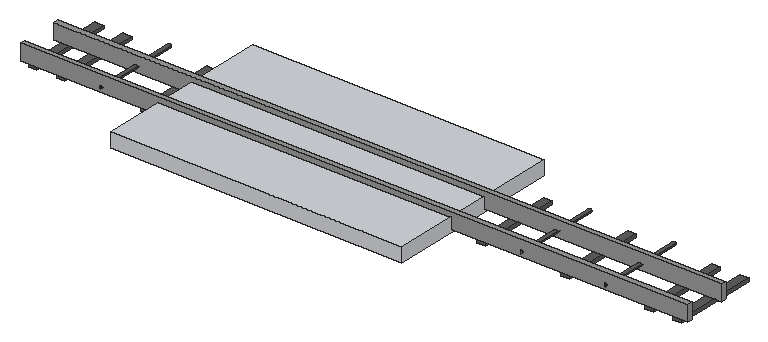
Revit family "1413-2, Solid", category Generic Models, host Face, Revit 2020
Family settings
  Host = Face
  Can host rebar = No
  Round Connector Dimension = Use Diameter
  Part Type = Normal
  Cut with Voids When Loaded = No
  Shared = No
  Room Calculation Point = No
Parameters
  min_value [instance] = 2' - 4"  # constant formula
  max_value [instance] = 11' - 11 1/4"  # constant formula
  actual_value [instance] = if(NET LENGTH < min_value, min_value, if(NET LENGTH > max_value, max_value, NET LENGTH))  # 7' - 11 1/4"
  NET LENGTH [instance] = 7' - 11 1/4"
  IMPORTANT NOTE!!!                                                                             *Backer & dowel layout is for visualization purposes only, final layout to be determined by 9Wood. [instance] = ""
  Default Elevation = 4' - 0"
  DOWEL RADIUS [instance] = 0' - 0 1/4"  # constant formula
  BACKER & DOWEL MATERIAL [instance] = BLACK-BACKERS
  .. MEMBER WIDTH [instance] = 0' - 0 3/4"  # constant formula
  .. MEMBER MATERIAL [instance] = Solid Western Hemlock
  .. MEMBER DEPTH [instance] = 0' - 2 1/4"  # constant formula
  .. MEMBER COUNT [instance] = 2  # constant formula
Reference planes (in)
  plane 1 "Center (Front/Back)": y = 0
  plane 2: z = 0
  plane 3 "Center (Left/Right)": x = 0
Forms (in)
  Extrusion 1, solid
    sketch origin (0, 0, 0) x (1, 0, 0) y (0, 1, 0)
      loop
        line (-24.24823, 14.63962) -> (-24.24823, -10.69266) -> (17.36192, -10.69266) -> (17.36192, 14.63962) -> (-24.24823, 14.63962)
    from 0 to 2.0625
Dimensions and locks (in)
  aligned and locked: plane 2 to Extrusion 1
  aligned and locked: nested 1 to plane 2
Nested families (in)
  nested 1: "1400 series" at (-44.01308, -2.1224, -0.06061), NET LENGTH <- "actual_value", .. MEMBER DEPTH <- ".. MEMBER DEPTH", .. MEMBER WIDTH <- ".. MEMBER WIDTH", DOWEL RADIUS <- "DOWEL RADIUS", BACKER & DOWEL MATERIAL <- "BACKER & DOWEL MATERIAL", .. MEMBER MATERIAL <- ".. MEMBER MATERIAL", MEMBER COUNT <- ".. MEMBER COUNT", type "1400 series"
    with X 7' - 8", SCRIM MATERIAL SCRIM, SCRIM LENGTH 8' - 1", SCRIM APPEARANCE yes, SCRIM 2 0' - 0 7/8", SCRIM 1 0' - 0 3/32", OC TYP 1' - 0", NET LENGTH 7' - 11 1/4", N 8, MEMBER COUNT 2, INSET 2 0' - 0 3/16", INSET 0' - 1", HALF MEMBER WIDTH 0' - 0 3/8", END BACKER yes, DOWEL RADIUS 0' - 0 1/4", DOWEL INDEX 0' - 11 5/8", DOWEL COUNT 7, BACKING M COUNT 8, BACKER WIDTH 0' - 1 1/4", BACKER INDEX 0' - 5 5/8", BACKER DEPTH 0' - 0 1/2", BACKER & DOWEL MATERIAL BLACK-BACKERS, BACKER &  DOWEL LENGTH 0' - 11 7/8", .. MEMBER WIDTH 0' - 0 3/4", .. MEMBER OC TYP 0' - 6", .. MEMBER MATERIAL Solid Western Hemlock, .. MEMBER DEPTH 0' - 2 1/4"
Definition of nested family "1400 series"
  Parameters (values of type "1400 series")
    X [instance] = NET LENGTH - 0' 3 1/4"  # 7' - 2"
    SCRIM MATERIAL [instance] = none
    SCRIM APPEARANCE [instance] = yes
    SCRIM 2 [instance] = 0' - 0 7/8"  # constant formula
    SCRIM 1 [instance] = 0' - 0 3/32"  # constant formula
    OC TYP [instance] = 1' - 0"  # constant formula
    N [instance] = if((X - (rounddown(X / 1' 0") * 1' 0")) > 1' 0", rounddown(X / 1' 0") + 2, rounddown(X / 1' 0") + 1)  # 8
    MEMBER COUNT [instance] = 2
    INSET 5 = 0' - 0 11/16"  # constant formula
    INSET 2 [instance] = 0' - 0 3/16"  # constant formula
    INSET [instance] = 0' - 1"  # constant formula
    END BACKER [instance] = BACKER INDEX > 0' 3 5/8"  # no
    HALF MEMBER WIDTH [instance] = .. MEMBER WIDTH / 2  # 0' - 1 1/8"
    Default Elevation = 0' - 0"
    DOWEL RADIUS [instance] = 0' - 0 1/4"
    DOWEL INDEX [instance] = BACKER INDEX + 0' 6"  # 0' - 8 5/8"
    DOWEL COUNT [instance] = N - 1  # 7
    BACKER WIDTH [instance] = 0' - 1 1/4"  # constant formula
    BACKER INDEX [instance] = (NET LENGTH - ((N - 1) * 1' 0")) / 2  # 0' - 2 5/8"
    BACKER DEPTH [instance] = 0' - 0 1/2"  # constant formula
    BACKING M COUNT [instance] = N  # 8
    BACKER & DOWEL MATERIAL [instance] = none
    BACKER &  DOWEL LENGTH [instance] = 0' - 11 7/8"  # constant formula
    SCRIM LENGTH [instance] = NET LENGTH + (SCRIM 2 * 2)  # 7' - 7"
    .. MEMBER WIDTH [instance] = 0' - 2 1/4"
    .. MEMBER OC TYP [instance] = 1' 0" / MEMBER COUNT  # 0' - 6"
    .. MEMBER MATERIAL [instance] = none
    NET LENGTH [instance] = 7' - 5 1/4"
    .. MEMBER DEPTH [instance] = 0' - 4"
  Reference planes (in)
    plane 1 "Center (Front/Back)": y = 0
    plane 2: z = 0
    plane 3 "Center (Left/Right)": x = 0
    plane 4: x = 89.25
    plane 5: x = 1
    plane 6: x = 88.25
    plane 7: x = 2.625
    plane 8: x = 8.625
    plane 9: x = 14.625
    plane 10: x = 20.625
    plane 11: y = 0.1875
    plane 12: y = 1.125
    plane 13: y = 7.125
    plane 14: y = 12.0625
    plane 15: x = 90.125
    plane 16: x = -0.875
    plane 17: y = 12.15625
    plane 18: y = -0.09375
    plane 19: z = 2.7097
    plane 20: z = 0.56061
    plane 21: z = 1.24811
  Lines and regions (in)
    model lines, not visible
      curve 1: line (8.625, 0, 0.99811) -> (8.625, 0, 1.49811)
      curve 2: line (8.625, 0, 1.49811) -> (8.375, 0, 1.24811)
      curve 3: line (8.375, 0, 1.24811) -> (8.875, 0, 1.24811)
      curve 4: line (20.625, 0, 0.99811) -> (20.625, 0, 1.49811)
      curve 5: line (20.625, 0, 1.49811) -> (20.375, 0, 1.24811)
      curve 6: line (20.375, 0, 1.24811) -> (20.875, 0, 1.24811)
      curve 7: line (32.625, 0, 0.99811) -> (32.625, 0, 1.49811)
      curve 8: line (32.625, 0, 1.49811) -> (32.375, 0, 1.24811)
      curve 9: line (32.375, 0, 1.24811) -> (32.875, 0, 1.24811)
      curve 10: line (44.625, 0, 0.99811) -> (44.625, 0, 1.49811)
      curve 11: line (44.625, 0, 1.49811) -> (44.375, 0, 1.24811)
      curve 12: line (44.375, 0, 1.24811) -> (44.875, 0, 1.24811)
      curve 13: line (56.625, 0, 0.99811) -> (56.625, 0, 1.49811)
      curve 14: line (56.625, 0, 1.49811) -> (56.375, 0, 1.24811)
      curve 15: line (56.375, 0, 1.24811) -> (56.875, 0, 1.24811)
      curve 16: line (68.625, 0, 0.99811) -> (68.625, 0, 1.49811)
      curve 17: line (68.625, 0, 1.49811) -> (68.375, 0, 1.24811)
      curve 18: line (68.375, 0, 1.24811) -> (68.875, 0, 1.24811)
      curve 19: line (80.625, 0, 0.99811) -> (80.625, 0, 1.49811)
      curve 20: line (80.625, 0, 1.49811) -> (80.375, 0, 1.24811)
      curve 21: line (80.375, 0, 1.24811) -> (80.875, 0, 1.24811)
  Dimensions and locks (in)
    "INSET": plane 3 "Center (Left/Right)" to plane 5
    "NET LENGTH": plane 3 "Center (Left/Right)" to plane 4
    "INSET": plane 6 to plane 4
    "BACKER INDEX": plane 3 "Center (Left/Right)" to plane 7
    "DOWEL INDEX": plane 3 "Center (Left/Right)" to plane 8
    "OC TYP": plane 7 to plane 9
    "OC TYP": plane 8 to plane 10
    "INSET 2": plane 1 "Center (Front/Back)" to plane 11
    equal spacing: group 1, group 2, group 5, group 6, group 7, group 13, group 14, group 16  (x3)
    equal spacing: group 3, group 4, group 8, group 9, group 10, group 15, group 17  (x3)
    group 11 to group 12 = 0' - 0"  (x2)
    group 11 to group 12 = 0' - 6"
    ".. MEMBER OC TYP": plane 13 to plane 12
    "HALF MEMBER WIDTH": plane 1 "Center (Front/Back)" to plane 12
    "SCRIM 2": plane 16 to plane 3 "Center (Left/Right)"
    "SCRIM 2": plane 4 to plane 15
    "SCRIM 1": plane 18 to plane 1 "Center (Front/Back)"
    "SCRIM 1": plane 17 to plane 14
    "INSET 5": plane 21 to plane 20
    aligned and locked: level to plane 2
    aligned and locked: plane 7 to nested 2
    aligned and locked: plane 5 to nested 1
    aligned and locked: plane 9 to nested 3
    aligned and locked: nested 1 to plane 5
    aligned and locked: nested 2 to plane 11
    aligned and locked: nested 1 to plane 11
    aligned and locked: nested 3 to plane 11
    aligned and locked: nested 4 to plane 11  (x2)
    aligned and locked: plane 10 to nested 5
    aligned and locked: plane 6 to nested 12
    aligned and locked: nested 5 to plane 11
    aligned and locked: plane 11 to nested 12
    aligned and locked: plane 12 to nested 13
    aligned and locked: nested 14 to plane 13
    aligned and locked: plane 14 to nested 8
    aligned and locked: nested 13 to plane 20
    aligned and locked: plane 21 to nested 4
    aligned and locked: plane 21 to nested 5
    aligned and locked: nested 13 to plane 8
    aligned and locked: plane 10 to nested 13
    aligned and locked: curve 1 to nested 13
    aligned and locked: nested 13 to curve 4
    aligned and locked: plane 20 to nested 1
    aligned and locked: plane 20 to nested 2
    aligned and locked: nested 12 to plane 20
  Automatic sketch dimensions
    curve 3 to curve 1 = 0' - 0 1/4"  (x2)
    curve 1 to curve 3 = 0' - 0 1/4"
    curve 1 to curve 2 = 0' - 0 1/4"
    curve 6 to curve 4 = 0' - 0 1/4"  (x2)
    curve 4 to curve 6 = 0' - 0 1/4"
    curve 4 to curve 5 = 0' - 0 1/4"
    curve 9 to curve 7 = 0' - 0 1/4"  (x2)
    curve 7 to curve 9 = 0' - 0 1/4"
    curve 7 to curve 8 = 0' - 0 1/4"
    curve 12 to curve 10 = 0' - 0 1/4"  (x2)
    curve 10 to curve 12 = 0' - 0 1/4"
    curve 10 to curve 11 = 0' - 0 1/4"
    curve 15 to curve 13 = 0' - 0 1/4"  (x2)
    curve 13 to curve 15 = 0' - 0 1/4"
    curve 13 to curve 14 = 0' - 0 1/4"
    curve 18 to curve 16 = 0' - 0 1/4"  (x2)
    curve 16 to curve 18 = 0' - 0 1/4"
    curve 16 to curve 17 = 0' - 0 1/4"
    curve 21 to curve 19 = 0' - 0 1/4"  (x2)
    curve 19 to curve 21 = 0' - 0 1/4"
    curve 19 to curve 20 = 0' - 0 1/4"
  Nested families (in)
    nested 1: "INSTANCE - 3RD -  EXTEND BOTH SIDES - Parametric Cube.0001" at (1, 0.1875, 0.56061), Length <- "BACKER &  DOWEL LENGTH", Width <- "BACKER WIDTH", Height <- "BACKER DEPTH", Material <- "BACKER & DOWEL MATERIAL", visible <- "END BACKER", type "INSTANCE - 3RD -  EXTEND BOTH SIDES - Parametric Cube.0001"
      with Width 0' - 1 1/4", Material none, Length 0' - 11 7/8", Height 0' - 0 1/2"
    nested 2: "INSTANCE - 2ND -  EXTEND SIDE H CENTER W - Parametric Cube.0001" at (2.625, 0.1875, 0.56061), Width <- "BACKER WIDTH", Length <- "BACKER &  DOWEL LENGTH", Height <- "BACKER DEPTH", Material <- "BACKER & DOWEL MATERIAL", type "INSTANCE - 2ND -  EXTEND SIDE H CENTER W - Parametric Cube.0001"
      with Width 0' - 1 1/4", Material none, Length 0' - 11 7/8", Height 0' - 0 1/2"
    nested 3: "INSTANCE - 2ND -  EXTEND SIDE H CENTER W - Parametric Cube.0001" at (14.625, 0.1875, 0.56061), Width <- "BACKER WIDTH", Length <- "BACKER &  DOWEL LENGTH", Height <- "BACKER DEPTH", Material <- "BACKER & DOWEL MATERIAL", type "INSTANCE - 2ND -  EXTEND SIDE H CENTER W - Parametric Cube.0001"
      with Width 0' - 1 1/4", Material none, Length 0' - 11 7/8", Height 0' - 0 1/2"
    nested 4: "DOWEL" at (-1.375, 0.1875, 1.24811), DOWEL LENGTH <- "BACKER &  DOWEL LENGTH", DOWEL RADII <- "DOWEL RADIUS", BACKING MEM MATERIAL <- "BACKER & DOWEL MATERIAL", type "DOWEL"
      with DOWEL RADII 0' - 0 1/4", DOWEL LENGTH 0' - 11 7/8", BACKING MEM MATERIAL none
    nested 5: "DOWEL" at (10.625, 0.1875, 1.24811), DOWEL LENGTH <- "BACKER &  DOWEL LENGTH", DOWEL RADII <- "DOWEL RADIUS", BACKING MEM MATERIAL <- "BACKER & DOWEL MATERIAL", type "DOWEL"
      with DOWEL RADII 0' - 0 1/4", DOWEL LENGTH 0' - 11 7/8", BACKING MEM MATERIAL none
    nested 6: "INSTANCE - 2ND -  EXTEND SIDE H CENTER W - Parametric Cube.0001" at (26.625, 0.1875, 0.56061), Width <- "BACKER WIDTH", Length <- "BACKER &  DOWEL LENGTH", Height <- "BACKER DEPTH", Material <- "BACKER & DOWEL MATERIAL", type "INSTANCE - 2ND -  EXTEND SIDE H CENTER W - Parametric Cube.0001"
      with Width 0' - 1 1/4", Material none, Length 0' - 11 7/8", Height 0' - 0 1/2"
    nested 7: "INSTANCE - 2ND -  EXTEND SIDE H CENTER W - Parametric Cube.0001" at (38.625, 0.1875, 0.56061), Width <- "BACKER WIDTH", Length <- "BACKER &  DOWEL LENGTH", Height <- "BACKER DEPTH", Material <- "BACKER & DOWEL MATERIAL", type "INSTANCE - 2ND -  EXTEND SIDE H CENTER W - Parametric Cube.0001"
      with Width 0' - 1 1/4", Material none, Length 0' - 11 7/8", Height 0' - 0 1/2"
    nested 8: "INSTANCE - 2ND -  EXTEND SIDE H CENTER W - Parametric Cube.0001" at (50.625, 0.1875, 0.56061), Width <- "BACKER WIDTH", Length <- "BACKER &  DOWEL LENGTH", Height <- "BACKER DEPTH", Material <- "BACKER & DOWEL MATERIAL", type "INSTANCE - 2ND -  EXTEND SIDE H CENTER W - Parametric Cube.0001"
      with Width 0' - 1 1/4", Material none, Length 0' - 11 7/8", Height 0' - 0 1/2"
    nested 9: "DOWEL" at (22.625, 0.1875, 1.24811), DOWEL LENGTH <- "BACKER &  DOWEL LENGTH", DOWEL RADII <- "DOWEL RADIUS", BACKING MEM MATERIAL <- "BACKER & DOWEL MATERIAL", type "DOWEL"
      with DOWEL RADII 0' - 0 1/4", DOWEL LENGTH 0' - 11 7/8", BACKING MEM MATERIAL none
    nested 10: "DOWEL" at (34.625, 0.1875, 1.24811), DOWEL LENGTH <- "BACKER &  DOWEL LENGTH", DOWEL RADII <- "DOWEL RADIUS", BACKING MEM MATERIAL <- "BACKER & DOWEL MATERIAL", type "DOWEL"
      with DOWEL RADII 0' - 0 1/4", DOWEL LENGTH 0' - 11 7/8", BACKING MEM MATERIAL none
    nested 11: "DOWEL" at (46.625, 0.1875, 1.24811), DOWEL LENGTH <- "BACKER &  DOWEL LENGTH", DOWEL RADII <- "DOWEL RADIUS", BACKING MEM MATERIAL <- "BACKER & DOWEL MATERIAL", type "DOWEL"
      with DOWEL RADII 0' - 0 1/4", DOWEL LENGTH 0' - 11 7/8", BACKING MEM MATERIAL none
    nested 12: "INSTANCE - 3RD -  EXTEND BOTH SIDES - Parametric Cube.0001" at (88.25, 0.1875, 0.56061) x (-1, 0, 0) z (0, 0, 1), Width <- "BACKER WIDTH", Length <- "BACKER &  DOWEL LENGTH", Height <- "BACKER DEPTH", Material <- "BACKER & DOWEL MATERIAL", visible <- "END BACKER", type "INSTANCE - 3RD -  EXTEND BOTH SIDES - Parametric Cube.0001"
      with Width 0' - 1 1/4", Material none, Length 0' - 11 7/8", Height 0' - 0 1/2"
    nested 13: "HOLED MEMBER" at (0, -9.75, 8.12965), DOWEL INDEX <- "DOWEL INDEX", .. MEMBER LENGTH <- "NET LENGTH", .. MEMBER WIDTH <- ".. MEMBER WIDTH", DOWEL OC DIST <- "OC TYP", DOWEL RADII <- "DOWEL RADIUS", Material <- ".. MEMBER MATERIAL", DEPTH <- ".. MEMBER DEPTH", DOWEL COUNT <- "DOWEL COUNT", Space <- "INSET 5", type "HOLED MEMBER"
      with Space 0' - 0 11/16", Material none, Height 0' - 10.43096", HALF MEMBER WIDTH 0' - 1 1/8", DOWEL RADII 0' - 0 1/4", DOWEL OC DIST 1' - 0", DOWEL INDEX 0' - 8 5/8", DOWEL COUNT 7, DEPTH 0' - 4", .. MEMBER WIDTH 0' - 2 1/4", .. MEMBER LENGTH 7' - 5 1/4"
    nested 14: "HOLED MEMBER" at (0, -3.75, 8.12965), DOWEL INDEX <- "DOWEL INDEX", .. MEMBER LENGTH <- "NET LENGTH", .. MEMBER WIDTH <- ".. MEMBER WIDTH", DOWEL OC DIST <- "OC TYP", DOWEL RADII <- "DOWEL RADIUS", Material <- ".. MEMBER MATERIAL", DEPTH <- ".. MEMBER DEPTH", DOWEL COUNT <- "DOWEL COUNT", Space <- "INSET 5", type "HOLED MEMBER"
      with Space 0' - 0 11/16", Material none, Height 0' - 10.43096", HALF MEMBER WIDTH 0' - 1 1/8", DOWEL RADII 0' - 0 1/4", DOWEL OC DIST 1' - 0", DOWEL INDEX 0' - 8 5/8", DOWEL COUNT 7, DEPTH 0' - 4", .. MEMBER WIDTH 0' - 2 1/4", .. MEMBER LENGTH 7' - 5 1/4"
    nested 15: "INSTANCE - 2ND -  EXTEND SIDE H CENTER W - Parametric Cube.0001" at (62.625, 0.1875, 0.56061), Width <- "BACKER WIDTH", Length <- "BACKER &  DOWEL LENGTH", Height <- "BACKER DEPTH", Material <- "BACKER & DOWEL MATERIAL", type "INSTANCE - 2ND -  EXTEND SIDE H CENTER W - Parametric Cube.0001"
      with Width 0' - 1 1/4", Material none, Length 0' - 11 7/8", Height 0' - 0 1/2"
    nested 16: "INSTANCE - 2ND -  EXTEND SIDE H CENTER W - Parametric Cube.0001" at (74.625, 0.1875, 0.56061), Width <- "BACKER WIDTH", Length <- "BACKER &  DOWEL LENGTH", Height <- "BACKER DEPTH", Material <- "BACKER & DOWEL MATERIAL", type "INSTANCE - 2ND -  EXTEND SIDE H CENTER W - Parametric Cube.0001"
      with Width 0' - 1 1/4", Material none, Length 0' - 11 7/8", Height 0' - 0 1/2"
    nested 17: "DOWEL" at (58.625, 0.1875, 1.24811), DOWEL LENGTH <- "BACKER &  DOWEL LENGTH", DOWEL RADII <- "DOWEL RADIUS", BACKING MEM MATERIAL <- "BACKER & DOWEL MATERIAL", type "DOWEL"
      with DOWEL RADII 0' - 0 1/4", DOWEL LENGTH 0' - 11 7/8", BACKING MEM MATERIAL none
    nested 18: "INSTANCE - 2ND -  EXTEND SIDE H CENTER W - Parametric Cube.0001" at (86.625, 0.1875, 0.56061), Width <- "BACKER WIDTH", Length <- "BACKER &  DOWEL LENGTH", Height <- "BACKER DEPTH", Material <- "BACKER & DOWEL MATERIAL", type "INSTANCE - 2ND -  EXTEND SIDE H CENTER W - Parametric Cube.0001"
      with Width 0' - 1 1/4", Material none, Length 0' - 11 7/8", Height 0' - 0 1/2"
    nested 19: "DOWEL" at (70.625, 0.1875, 1.24811), DOWEL LENGTH <- "BACKER &  DOWEL LENGTH", DOWEL RADII <- "DOWEL RADIUS", BACKING MEM MATERIAL <- "BACKER & DOWEL MATERIAL", type "DOWEL"
      with DOWEL RADII 0' - 0 1/4", DOWEL LENGTH 0' - 11 7/8", BACKING MEM MATERIAL none
  Definition of nested family "INSTANCE - 3RD -  EXTEND BOTH SIDES - Parametric Cube.0001"
    Parameters (values of type "INSTANCE - 3RD -  EXTEND BOTH SIDES - Parametric Cube.0001")
      Width [instance] = 0' - 6"
      Material [instance] = none
      Length [instance] = 1' - 0"
      Height [instance] = 1' - 6"
      Default Elevation = 0' - 0"
    Reference planes (in)
      plane 1 "Center (Front/Back)": y = 0
      plane 2: z = 0
      plane 3 "Center (Left/Right)": x = 0
      plane 4: x = 6
      plane 5: y = 12
      plane 6: z = -18
    Forms (in)
      Extrusion 1, solid, material <- "Material"
        sketch origin (0, 6, 0) x (1, 0, 0) y (0, 1, 0)
          loop
            line (0, 6) -> (0, -6) -> (6, -6) -> (6, 6) -> (0, 6)
        from -18 to 0
    Dimensions and locks (in)
      "Height": plane 6 to level
      "Length": plane 1 "Center (Front/Back)" to plane 5
      "Width": plane 3 "Center (Left/Right)" to plane 4
      aligned and locked: plane 2 to level
      aligned and locked: Extrusion 1 sketch curve to plane 4
      aligned and locked: Extrusion 1 to plane 6
      aligned and locked: plane 5 to Extrusion 1
      aligned and locked: Extrusion 1 to plane 3 "Center (Left/Right)"
    Automatic sketch dimensions
      plane 1 "Center (Front/Back)" to Extrusion 1 sketch curve = 0' - 0"
      plane 5 to Extrusion 1 sketch curve = 0' - 0"
      Extrusion 1 sketch curve to plane 3 "Center (Left/Right)" = 0' - 0"
  Definition of nested family "INSTANCE - 2ND -  EXTEND SIDE H CENTER W - Parametric Cube.0001"
    Parameters (values of type "INSTANCE - 2ND -  EXTEND SIDE H CENTER W - Parametric Cube.0001")
      Width [instance] = 0' - 6"
      Material [instance] = none
      Length [instance] = 1' - 0"
      Height [instance] = 1' - 6"
      Default Elevation = 0' - 0"
    Reference planes (in)
      plane 1 "Center (Front/Back)": y = 0
      plane 2: z = 0
      plane 3 "Center (Left/Right)": x = 0
      plane 4: x = -3
      plane 5: x = 3
      plane 6: y = 12
      plane 7: z = -18
    Forms (in)
      Extrusion 1, solid, material <- "Material"
        sketch origin (0, 6, 0) x (1, 0, 0) y (0, 1, 0)
          loop
            line (-3, 6) -> (-3, -6) -> (3, -6) -> (3, 6) -> (-3, 6)
        from -18 to 0
    Dimensions and locks (in)
      equal spacing: plane 4, plane 3 "Center (Left/Right)", plane 5
      "Width": plane 4 to plane 5
      "Height": plane 7 to level
      "Length": plane 1 "Center (Front/Back)" to plane 6
      aligned and locked: plane 2 to level
      aligned and locked: plane 4 to Extrusion 1 sketch curve
      aligned and locked: Extrusion 1 sketch curve to plane 5
      aligned and locked: Extrusion 1 to plane 7
      aligned and locked: plane 6 to Extrusion 1
    Automatic sketch dimensions
      plane 1 "Center (Front/Back)" to Extrusion 1 sketch curve = 0' - 0"
      plane 6 to Extrusion 1 sketch curve = 0' - 0"
  Definition of nested family "DOWEL"
    Parameters (values of type "DOWEL")
      Default Elevation = 0' - 0"
      DOWEL RADII [instance] = 0' - 0 5/8"
      DOWEL LENGTH [instance] = 1' - 0"
      BACKING MEM MATERIAL [instance] = none
    Reference planes (in)
      plane 1 "Center (Front/Back)": y = 0
      plane 2: z = 0
      plane 3 "Center (Left/Right)": x = 0
      plane 4: y = 12
    Forms (in)
      Extrusion 1, solid, material <- "BACKING MEM MATERIAL"
        sketch origin (10, 0, 0) x (1, 0, 0) y (0, 0, 1)
          loop
            circle (0, 0) r 0.625
        from 0 to -12
      Extrusion 2, solid, not visible
        sketch origin (0, 0, 0) x (1, 0, 0) y (0, 0, 1)
          loop
            circle (0, 0) r 0.625
        from 0 to 12
      Extrusion 3, solid, not visible
        sketch origin (10, 0, 0) x (1, 0, 0) y (0, 0, 1)
          loop
            circle (0, 0) r 0.625
        from 0 to 2.5
      Extrusion 4, solid, not visible
        sketch origin (10, 0, 0) x (1, 0, 0) y (0, 0, 1)
          loop
            circle (0, 0) r 0.625
        from 0 to -12
    Lines and regions (in)
      model lines, not visible
        curve 1: line (-13, 0, 0) -> (-13, -12, 0)
        curve 2: line (13, 0, 0) -> (13, -12, 0)
        curve 3: line (9.89453, 0, 0) -> (10.08794, 0, 0)
        curve 4: line (9.89453, -2.5, 0) -> (10.08794, -2.5, 0)
        curve 6: line (10, 0, 0) -> (10, 2, 0)
      model lines
        curve 5: line (10, 0, 0) -> (10, 2, 0)
    Dimensions and locks (in)
      "DOWEL LENGTH": plane 1 "Center (Front/Back)" to plane 4
      "DOWEL RADII": radius of Extrusion 1 sketch curve
      "DOWEL RADII": radius of Extrusion 2 sketch curve
      "DOWEL RADII": radius of Extrusion 3 sketch curve
      "DOWEL RADII": radius of Extrusion 4 sketch curve
      "DOWEL RADII": radius of Extrusion 1
      aligned and locked: plane 2 to level
      aligned and locked: Extrusion 1 to plane 1 "Center (Front/Back)"  (x3)
      aligned and locked: plane 1 "Center (Front/Back)" to Extrusion 1
      aligned and locked: plane 4 to Extrusion 1
    Automatic sketch dimensions
      plane 1 "Center (Front/Back)" to curve 5 = 0' - 0"
      curve 5 to plane 1 "Center (Front/Back)" = 0' - 2"
      plane 3 "Center (Left/Right)" to curve 5 = 0' - 10"
      Extrusion 1 sketch curve to level = 0' - 0"
      plane 3 "Center (Left/Right)" to Extrusion 1 sketch curve = 0' - 10"
  Definition of nested family "HOLED MEMBER"
    Parameters (values of type "HOLED MEMBER")
      Space [instance] = 0' - 0 5/8"
      Material [instance] = none
      Height [instance] = 0' - 10.43096"
      HALF MEMBER WIDTH [instance] = .. MEMBER WIDTH / 2  # 0' - 0 5/16"
      Default Elevation = 0' - 0"
      DOWEL RADII [instance] = 0' - 0.34537"
      DOWEL OC DIST [instance] = 1' - 0"
      DOWEL INSET = 0' - 0 5/8"
      DOWEL INDEX [instance] = 0' - 5 5/8"
      DOWEL COUNT [instance] = 6
      DEPTH [instance] = 0' - 2"
      .. MEMBER WIDTH [instance] = 0' - 0 5/8"
      .. MEMBER LENGTH [instance] = 5' - 11 3/4"
    Reference planes (in)
      plane 1 "Center (Front/Back)": y = 12
      plane 2: z = -7.56904
      plane 3 "Center (Left/Right)": x = 0
      plane 4: x = 5.625
      plane 5: x = 17.625
      plane 6: y = 11.375
      plane 7: x = 71.75
      plane 8: y = 11.6875
      plane 9: z = -6.94404
      plane 10: z = -5.56904
    Forms (in)
      Extrusion 1, solid, material <- "Material"
        sketch origin (0, 12, -13.56904) x (1, 0, 0) y (0, 0, 1)
          loop
            line (0, 6) -> (71.75, 6) -> (71.75, 8) -> (0, 8) -> (0, 6)
        from 0.625 to 0
      Extrusion 2, void
        sketch origin (0, 12, -18.31904) x (1, 0, 0) y (0, 0, 1)
          loop
            circle (5.625, 11.375) r 0.34537
        from 0 to 12
      Extrusion 3, void, not visible
        sketch origin (0, 0, 0) x (1, 0, 0) y (0, 1, 0)
          loop
            circle (5.625, 11.375) r 0.34537
        from 0 to 12
      Extrusion 4, void, not visible
        sketch origin (0, 0, 0) x (1, 0, 0) y (0, 1, 0)
          loop
            circle (5.625, 11.375) r 0.34537
        from 0 to 12
      Extrusion 5, void, not visible
        sketch origin (12, 0, 0) x (1, 0, 0) y (0, 1, 0)
          loop
            circle (5.625, 11.375) r 0.34537
        from 0 to 12
      Extrusion 6, void, not visible
        sketch origin (0, 12, -17.56904) x (1, 0, 0) y (0, 0, 1)
          loop
            circle (5.625, 11.375) r 0.34537
        from 0 to 12
      Extrusion 7, void, not visible
        sketch origin (12, 12, -17.56904) x (1, 0, 0) y (0, 0, 1)
          loop
            circle (5.625, 11.375) r 0.34537
        from 0 to 12
      Extrusion 8, void, not visible
        sketch origin (0, 12, -19.56904) x (1, 0, 0) y (0, 0, 1)
          loop
            circle (5.625, 11.375) r 0.34537
        from 0 to 12
      Extrusion 9, void
        sketch origin (12, 12, -18.31904) x (1, 0, 0) y (0, 0, 1)
          loop
            circle (5.625, 11.375) r 0.34537
        from 0 to 12
      Extrusion 10, void
        sketch origin (24, 12, -18.31904) x (1, 0, 0) y (0, 0, 1)
          loop
            circle (5.625, 11.375) r 0.34537
        from 0 to 12
      Extrusion 11, void
        sketch origin (36, 12, -18.31904) x (1, 0, 0) y (0, 0, 1)
          loop
            circle (5.625, 11.375) r 0.34537
        from 0 to 12
      Extrusion 12, void
        sketch origin (48, 12, -18.31904) x (1, 0, 0) y (0, 0, 1)
          loop
            circle (5.625, 11.375) r 0.34537
        from 0 to 12
      Extrusion 13, void
        sketch origin (60, 12, -18.31904) x (1, 0, 0) y (0, 0, 1)
          loop
            circle (5.625, 11.375) r 0.34537
        from 0 to 12
      Extrusion 14, void, not visible
        sketch origin (24, 12, -17.56904) x (1, 0, 0) y (0, 0, 1)
          loop
            circle (5.625, 11.375) r 0.34537
        from 0 to 12
      Extrusion 15, void, not visible
        sketch origin (36, 12, -17.56904) x (1, 0, 0) y (0, 0, 1)
          loop
            circle (5.625, 11.375) r 0.34537
        from 0 to 12
      Extrusion 16, void, not visible
        sketch origin (48, 12, -17.56904) x (1, 0, 0) y (0, 0, 1)
          loop
            circle (5.625, 11.375) r 0.34537
        from 0 to 12
      Extrusion 17, void, not visible
        sketch origin (60, 12, -17.56904) x (1, 0, 0) y (0, 0, 1)
          loop
            circle (5.625, 11.375) r 0.34537
        from 0 to 12
      Extrusion 18, void, not visible
        sketch origin (24, 0, 0) x (1, 0, 0) y (0, 1, 0)
          loop
            circle (5.625, 11.375) r 0.34537
        from 0 to 12
      Extrusion 19, void, not visible
        sketch origin (36, 0, 0) x (1, 0, 0) y (0, 1, 0)
          loop
            circle (5.625, 11.375) r 0.34537
        from 0 to 12
      Extrusion 20, void, not visible
        sketch origin (48, 0, 0) x (1, 0, 0) y (0, 1, 0)
          loop
            circle (5.625, 11.375) r 0.34537
        from 0 to 12
      Extrusion 21, void, not visible
        sketch origin (60, 0, 0) x (1, 0, 0) y (0, 1, 0)
          loop
            circle (5.625, 11.375) r 0.34537
        from 0 to 12
    Cuts and joins
      Extrusion 2, Extrusion 9, Extrusion 10, Extrusion 11, Extrusion 12, Extrusion 13 cuts Extrusion 1
    Lines and regions (in)
      model lines, not visible
        curve 1: line (5.625, 11.72037, 0) -> (5.625, 11.02963, 0)
        curve 2: line (5.625, 11.72037, 0) -> (5.625, 11.02963, 0)
        curve 3: line (17.625, 11.72037, 0) -> (17.625, 11.02963, 0)
        curve 4: line (5.625, 12, -7.56904) -> (5.625, 11.87317, -7.56904)
        curve 5: line (5.625, 11.87317, -7.56904) -> (5.06195, 11.87317, -7.56904)
        curve 6: line (5.06195, 11.87317, -7.56904) -> (5.27963, 11.375, -7.56904)
        curve 7: line (0, 12, -6.19404) -> (0, 11.61951, -6.19404)
        curve 9: line (0, 11.375, -8.19404) -> (0, 11.6747, -8.19404)
        curve 10: line (5.625, 12, -7.56904) -> (5.625, 11.69863, -7.56904)
        curve 11: line (5.625, 12, -7.56904) -> (5.625, 11.69863, -7.56904)
        curve 12: line (5.625, 10.75, 0) -> (5.625, 10.75, 0.30137)
        curve 13: line (5.625, 10.75, 0) -> (5.625, 10.75, 0.30137)
        curve 14: line (17.625, 10.75, 0) -> (17.625, 10.75, 0.30137)
        curve 15: line (5.625, 12, -6.81904) -> (5.625, 11.69863, -6.81904)
        curve 16: line (17.625, 12, -6.81904) -> (17.625, 11.69863, -6.81904)
        curve 17: line (5.625, 12, -8.81904) -> (5.625, 11.69863, -8.81904)
        curve 18: line (17.625, 12, -7.56904) -> (17.625, 11.69863, -7.56904)
        curve 19: line (29.625, 12, -7.56904) -> (29.625, 11.69863, -7.56904)
        curve 20: line (41.625, 12, -7.56904) -> (41.625, 11.69863, -7.56904)
        curve 21: line (53.625, 12, -7.56904) -> (53.625, 11.69863, -7.56904)
        curve 22: line (65.625, 12, -7.56904) -> (65.625, 11.69863, -7.56904)
        curve 23: line (29.625, 12, -6.81904) -> (29.625, 11.69863, -6.81904)
        curve 24: line (41.625, 12, -6.81904) -> (41.625, 11.69863, -6.81904)
        curve 25: line (53.625, 12, -6.81904) -> (53.625, 11.69863, -6.81904)
        curve 26: line (65.625, 12, -6.81904) -> (65.625, 11.69863, -6.81904)
        curve 27: line (29.625, 11.72037, 0) -> (29.625, 11.02963, 0)
        curve 28: line (29.625, 10.75, 0) -> (29.625, 10.75, 0.30137)
        curve 29: line (41.625, 11.72037, 0) -> (41.625, 11.02963, 0)
        curve 30: line (41.625, 10.75, 0) -> (41.625, 10.75, 0.30137)
        curve 31: line (53.625, 11.72037, 0) -> (53.625, 11.02963, 0)
        curve 32: line (53.625, 10.75, 0) -> (53.625, 10.75, 0.30137)
        curve 33: line (65.625, 11.72037, 0) -> (65.625, 11.02963, 0)
        curve 34: line (65.625, 10.75, 0) -> (65.625, 10.75, 0.30137)
        curve 35: line (5.27963, 12, -6.94404) -> (5.97037, 12, -6.94404)
        curve 36: line (5.97037, 12, -6.94404) -> (5.625, 12, -6.59867)
        curve 37: line (5.625, 12, -6.59867) -> (5.625, 12, -7.28941)
        curve 38: line (5.27963, 11.375, 0) -> (5.97037, 11.375, 0)
        curve 39: line (5.97037, 11.375, 0) -> (5.625, 11.72037, 0)
        curve 40: line (5.625, 11.72037, 0) -> (5.625, 11.02963, 0)
        curve 41: line (5.27963, 11.375, 0) -> (5.97037, 11.375, 0)
        curve 42: line (5.97037, 11.375, 0) -> (5.625, 11.72037, 0)
        curve 43: line (5.625, 11.72037, 0) -> (5.625, 11.02963, 0)
        curve 44: line (17.27963, 11.375, 0) -> (17.97037, 11.375, 0)
        curve 45: line (17.97037, 11.375, 0) -> (17.625, 11.72037, 0)
        curve 46: line (17.625, 11.72037, 0) -> (17.625, 11.02963, 0)
        curve 47: line (5.27963, 12, -6.19404) -> (5.97037, 12, -6.19404)
        curve 48: line (5.97037, 12, -6.19404) -> (5.625, 12, -5.84867)
        curve 49: line (5.625, 12, -5.84867) -> (5.625, 12, -6.53941)
        curve 50: line (17.27963, 12, -6.19404) -> (17.97037, 12, -6.19404)
        curve 51: line (17.97037, 12, -6.19404) -> (17.625, 12, -5.84867)
        curve 52: line (17.625, 12, -5.84867) -> (17.625, 12, -6.53941)
        curve 53: line (5.27963, 12, -8.19404) -> (5.97037, 12, -8.19404)
        curve 54: line (5.97037, 12, -8.19404) -> (5.625, 12, -7.84867)
        curve 55: line (5.625, 12, -7.84867) -> (5.625, 12, -8.53941)
        curve 56: line (17.27963, 12, -6.94404) -> (17.97037, 12, -6.94404)
        curve 57: line (17.97037, 12, -6.94404) -> (17.625, 12, -6.59867)
        curve 58: line (17.625, 12, -6.59867) -> (17.625, 12, -7.28941)
        curve 59: line (29.27963, 12, -6.94404) -> (29.97037, 12, -6.94404)
        curve 60: line (29.97037, 12, -6.94404) -> (29.625, 12, -6.59867)
        curve 61: line (29.625, 12, -6.59867) -> (29.625, 12, -7.28941)
        curve 62: line (41.27963, 12, -6.94404) -> (41.97037, 12, -6.94404)
        curve 63: line (41.97037, 12, -6.94404) -> (41.625, 12, -6.59867)
        curve 64: line (41.625, 12, -6.59867) -> (41.625, 12, -7.28941)
        curve 65: line (53.27963, 12, -6.94404) -> (53.97037, 12, -6.94404)
        curve 66: line (53.97037, 12, -6.94404) -> (53.625, 12, -6.59867)
        curve 67: line (53.625, 12, -6.59867) -> (53.625, 12, -7.28941)
        curve 68: line (65.27963, 12, -6.94404) -> (65.97037, 12, -6.94404)
        curve 69: line (65.97037, 12, -6.94404) -> (65.625, 12, -6.59867)
        curve 70: line (65.625, 12, -6.59867) -> (65.625, 12, -7.28941)
        curve 71: line (29.27963, 12, -6.19404) -> (29.97037, 12, -6.19404)
        curve 72: line (29.97037, 12, -6.19404) -> (29.625, 12, -5.84867)
        curve 73: line (29.625, 12, -5.84867) -> (29.625, 12, -6.53941)
        curve 74: line (41.27963, 12, -6.19404) -> (41.97037, 12, -6.19404)
        curve 75: line (41.97037, 12, -6.19404) -> (41.625, 12, -5.84867)
        curve 76: line (41.625, 12, -5.84867) -> (41.625, 12, -6.53941)
        curve 77: line (53.27963, 12, -6.19404) -> (53.97037, 12, -6.19404)
        curve 78: line (53.97037, 12, -6.19404) -> (53.625, 12, -5.84867)
        curve 79: line (53.625, 12, -5.84867) -> (53.625, 12, -6.53941)
        curve 80: line (65.27963, 12, -6.19404) -> (65.97037, 12, -6.19404)
        curve 81: line (65.97037, 12, -6.19404) -> (65.625, 12, -5.84867)
        curve 82: line (65.625, 12, -5.84867) -> (65.625, 12, -6.53941)
        curve 83: line (29.27963, 11.375, 0) -> (29.97037, 11.375, 0)
        curve 84: line (29.97037, 11.375, 0) -> (29.625, 11.72037, 0)
        curve 85: line (29.625, 11.72037, 0) -> (29.625, 11.02963, 0)
        curve 86: line (41.27963, 11.375, 0) -> (41.97037, 11.375, 0)
        curve 87: line (41.97037, 11.375, 0) -> (41.625, 11.72037, 0)
        curve 88: line (41.625, 11.72037, 0) -> (41.625, 11.02963, 0)
        curve 89: line (53.27963, 11.375, 0) -> (53.97037, 11.375, 0)
        curve 90: line (53.97037, 11.375, 0) -> (53.625, 11.72037, 0)
        curve 91: line (53.625, 11.72037, 0) -> (53.625, 11.02963, 0)
        curve 92: line (65.27963, 11.375, 0) -> (65.97037, 11.375, 0)
        curve 93: line (65.97037, 11.375, 0) -> (65.625, 11.72037, 0)
        curve 94: line (65.625, 11.72037, 0) -> (65.625, 11.02963, 0)
      model lines
        curve 8: line (5.625, 12, -7.56904) -> (5.625, 11.69863, -7.56904)
    Dimensions and locks (in)
      "DOWEL INDEX": plane 3 "Center (Left/Right)" to plane 4
      "DOWEL OC DIST": plane 4 to plane 5
      ".. MEMBER LENGTH": plane 3 "Center (Left/Right)" to plane 7
      equal spacing: group 3, group 4, group 21, group 22, group 23, group 24  (x3)
      equal spacing: group 7, group 8, group 17, group 18, group 19, group 20  (x3)
      ".. MEMBER WIDTH": plane 6 to plane 1 "Center (Front/Back)"
      "HALF MEMBER WIDTH": plane 8 to plane 1 "Center (Front/Back)"
      equal spacing: group 1, group 12, group 13, group 14, group 15, group 16  (x2)
      equal spacing: group 16, group 15, group 14, group 13, group 12, group 1
      "DEPTH": plane 10 to level
      "Space": plane 9 to level
      "DOWEL RADII": radius of Extrusion 2 sketch curve
      "DOWEL RADII": radius of Extrusion 3 sketch curve
      "DOWEL RADII": radius of Extrusion 4 sketch curve
      "DOWEL RADII": radius of Extrusion 5 sketch curve
      "DOWEL RADII": radius of Extrusion 6 sketch curve
      "DOWEL RADII": radius of Extrusion 7 sketch curve
      "DOWEL RADII": radius of Extrusion 8 sketch curve
      "DOWEL RADII": radius of Extrusion 9 sketch curve
      "DOWEL RADII": radius of Extrusion 10 sketch curve
      "DOWEL RADII": radius of Extrusion 11 sketch curve
      "DOWEL RADII": radius of Extrusion 12 sketch curve
      "DOWEL RADII": radius of Extrusion 13 sketch curve
      "DOWEL RADII": radius of Extrusion 14 sketch curve
      "DOWEL RADII": radius of Extrusion 15 sketch curve
      "DOWEL RADII": radius of Extrusion 16 sketch curve
      "DOWEL RADII": radius of Extrusion 17 sketch curve
      "DOWEL RADII": radius of Extrusion 18 sketch curve
      "DOWEL RADII": radius of Extrusion 19 sketch curve
      "DOWEL RADII": radius of Extrusion 20 sketch curve
      "DOWEL RADII": radius of Extrusion 21 sketch curve
      aligned and locked: level to plane 2
      aligned and locked: Extrusion 1 to plane 3 "Center (Left/Right)"  (x2)
      aligned and locked: plane 7 to cut or joined group of Extrusion 1, Extrusion 2, Extrusion 9, Extrusion 10, Extrusion 11, Extrusion 12, Extrusion 13  (x2)
      aligned and locked: cut or joined group of Extrusion 1, Extrusion 2, Extrusion 9, Extrusion 10, Extrusion 11, Extrusion 12, Extrusion 13 to plane 1 "Center (Front/Back)"  (x2)
      aligned and locked: cut or joined group of Extrusion 1, Extrusion 2, Extrusion 9, Extrusion 10, Extrusion 11, Extrusion 12, Extrusion 13 to plane 6  (x2)
      aligned and locked: plane 4 to curve 11
      aligned and locked: curve 18 to plane 5
      aligned and locked: plane 4 to group 1
      aligned and locked: group 12 to plane 5
      aligned and locked: curve 35 to plane 9
      aligned and locked: plane 4 to curve 37
      aligned and locked: curve 56 to plane 9
      aligned and locked: curve 58 to plane 5
      aligned and locked: plane 10 to cut or joined group of Extrusion 1, Extrusion 2, Extrusion 9, Extrusion 10, Extrusion 11, Extrusion 12, Extrusion 13  (x2)
      aligned and locked: cut or joined group of Extrusion 1, Extrusion 2, Extrusion 9, Extrusion 10, Extrusion 11, Extrusion 12, Extrusion 13 to level
      aligned and locked: level to cut or joined group of Extrusion 1, Extrusion 2, Extrusion 9, Extrusion 10, Extrusion 11, Extrusion 12, Extrusion 13
    Automatic sketch dimensions
      curve 1 to curve 1 = 0' - 0.69074"
      curve 2 to curve 2 = 0' - 0.69074"
      curve 3 to curve 3 = 0' - 0.69074"
      Extrusion 1 sketch curve to plane 3 "Center (Left/Right)" = 0' - 0"
      Extrusion 1 sketch curve to plane 7 = 0' - 0"
      Extrusion 1 sketch curve to Extrusion 1 sketch curve = 0' - 2"
      Extrusion 1 sketch curve to level = 0' - 0"
      curve 8 to curve 8 = 0' - 0.30137"
      curve 10 to curve 10 = 0' - 0.30137"
      curve 8 to plane 4 = 0' - 0"
      plane 1 "Center (Front/Back)" to curve 8 = 0' - 0"
      plane 1 "Center (Front/Back)" to curve 8 = 0' - 0.30137"
      curve 11 to curve 11 = 0' - 0.30137"
      curve 12 to curve 12 = 0' - 0.30137"
      curve 13 to curve 13 = 0' - 0.30137"
      curve 14 to curve 14 = 0' - 0.30137"
      curve 15 to curve 15 = 0' - 0.30137"
      curve 16 to curve 16 = 0' - 0.30137"
      curve 17 to curve 17 = 0' - 0.30137"
      curve 18 to curve 18 = 0' - 0.30137"
      curve 19 to curve 19 = 0' - 0.30137"
      curve 20 to curve 20 = 0' - 0.30137"
      curve 21 to curve 21 = 0' - 0.30137"
      curve 22 to curve 22 = 0' - 0.30137"
      curve 23 to curve 23 = 0' - 0.30137"
      curve 24 to curve 24 = 0' - 0.30137"
      curve 25 to curve 25 = 0' - 0.30137"
      curve 26 to curve 26 = 0' - 0.30137"
      curve 27 to curve 27 = 0' - 0.69074"
      curve 28 to curve 28 = 0' - 0.30137"
      curve 29 to curve 29 = 0' - 0.69074"
      curve 30 to curve 30 = 0' - 0.30137"
      curve 31 to curve 31 = 0' - 0.69074"
      curve 32 to curve 32 = 0' - 0.30137"
      curve 33 to curve 33 = 0' - 0.69074"
      curve 34 to curve 34 = 0' - 0.30137"
      curve 37 to curve 35 = 0' - 0.34537"  (x2)
      curve 35 to curve 36 = 0' - 0.34537"
      curve 35 to curve 37 = 0' - 0.34537"
      curve 40 to curve 38 = 0' - 0.34537"  (x2)
      curve 38 to curve 39 = 0' - 0.34537"
      curve 38 to curve 40 = 0' - 0.34537"
      curve 43 to curve 41 = 0' - 0.34537"  (x2)
      curve 41 to curve 42 = 0' - 0.34537"
      curve 41 to curve 43 = 0' - 0.34537"
      curve 46 to curve 44 = 0' - 0.34537"  (x2)
      curve 44 to curve 45 = 0' - 0.34537"
      curve 44 to curve 46 = 0' - 0.34537"
      curve 49 to curve 47 = 0' - 0.34537"  (x2)
      curve 47 to curve 48 = 0' - 0.34537"
      curve 47 to curve 49 = 0' - 0.34537"
      curve 52 to curve 50 = 0' - 0.34537"  (x2)
      curve 50 to curve 51 = 0' - 0.34537"
      curve 50 to curve 52 = 0' - 0.34537"
      curve 55 to curve 53 = 0' - 0.34537"  (x2)
      curve 53 to curve 54 = 0' - 0.34537"
      curve 53 to curve 55 = 0' - 0.34537"
      curve 58 to curve 56 = 0' - 0.34537"  (x2)
      curve 56 to curve 57 = 0' - 0.34537"
      curve 56 to curve 58 = 0' - 0.34537"
      curve 61 to curve 59 = 0' - 0.34537"  (x2)
      curve 59 to curve 60 = 0' - 0.34537"
      curve 59 to curve 61 = 0' - 0.34537"
      curve 64 to curve 62 = 0' - 0.34537"  (x2)
      curve 62 to curve 63 = 0' - 0.34537"
      curve 62 to curve 64 = 0' - 0.34537"
      curve 67 to curve 65 = 0' - 0.34537"  (x2)
      curve 65 to curve 66 = 0' - 0.34537"
      curve 65 to curve 67 = 0' - 0.34537"
      curve 70 to curve 68 = 0' - 0.34537"  (x2)
      curve 68 to curve 69 = 0' - 0.34537"
      curve 68 to curve 70 = 0' - 0.34537"
      curve 73 to curve 71 = 0' - 0.34537"  (x2)
      curve 71 to curve 72 = 0' - 0.34537"
      curve 71 to curve 73 = 0' - 0.34537"
      curve 76 to curve 74 = 0' - 0.34537"  (x2)
      curve 74 to curve 75 = 0' - 0.34537"
      curve 74 to curve 76 = 0' - 0.34537"
      curve 79 to curve 77 = 0' - 0.34537"  (x2)
      curve 77 to curve 78 = 0' - 0.34537"
      curve 77 to curve 79 = 0' - 0.34537"
      curve 82 to curve 80 = 0' - 0.34537"  (x2)
      curve 80 to curve 81 = 0' - 0.34537"
      curve 80 to curve 82 = 0' - 0.34537"
      curve 85 to curve 83 = 0' - 0.34537"  (x2)
      curve 83 to curve 84 = 0' - 0.34537"
      curve 83 to curve 85 = 0' - 0.34537"
      curve 88 to curve 86 = 0' - 0.34537"  (x2)
      curve 86 to curve 87 = 0' - 0.34537"
      curve 86 to curve 88 = 0' - 0.34537"
      curve 91 to curve 89 = 0' - 0.34537"  (x2)
      curve 89 to curve 90 = 0' - 0.34537"
      curve 89 to curve 91 = 0' - 0.34537"
      curve 94 to curve 92 = 0' - 0.34537"  (x2)
      curve 92 to curve 93 = 0' - 0.34537"
      curve 92 to curve 94 = 0' - 0.34537"
